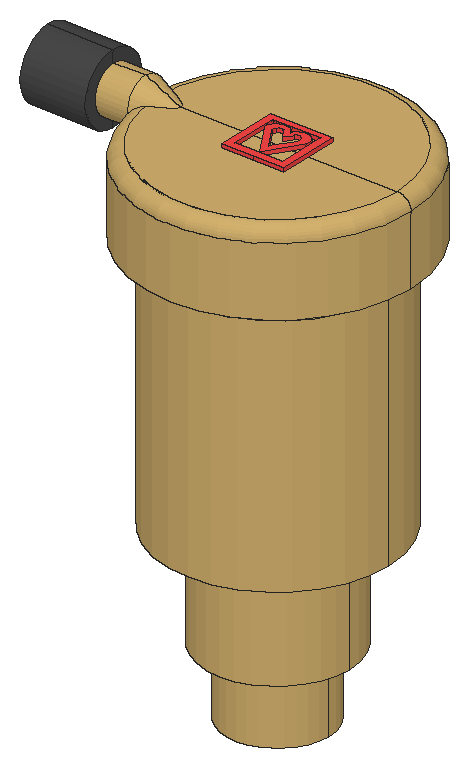
Revit family "Воздухоудалитель с функцией впуска и выпуска воздуха 2630 00 (01)", category Rohrzubehör, Revit 2018
Family settings
  Bemaßung runder Anschluss = Durchmesser verwenden
  Teiletyp = Normal
  OmniClass-Nummer = 23.65.55.14
  OmniClass-Titel = Valves for Liquid Services
  Arbeitsebenenbasiert = Nein
  Immer vertikal = Ja
  Beim Laden mit Abzugskörper schneiden = Nein
  Gemeinsam genutzt = Nein
Parameters
  Номер заказа [instance] = if(Nennweite AG = 10.000 mm, 1263000, if(Nennweite AG = 15.000 mm, 1263001, 0))  # 1263001
  URL = "www.herz-armaturen.ru"
  Поплавок = "полипропилен\r\n"  # constant formula
  SW = 10.500 mm  # constant formula
  SCRNSEQ = "AWI;AWI_TYP=\"1013\";1"
  SCRNCODE = "05;14;01"  # constant formula
  S05 = 25.300 mm  # constant formula
  S04 = SW * 2  # 21.000 mm
  S03 = 11.000 mm  # constant formula
  S02 = 24.500 mm  # constant formula
  S01 = 59.000 mm  # constant formula
  Обратный клапан = "латунь CW617N, EN 12165"  # constant formula
  R01 = 2.000 mm  # constant formula
  Nennweite AG [instance] = 15.000 mm
  Мин. рабочая температура = 0 °C  # constant formula
  Среда = "Качество  теплоносителя в соответствии с ÖNORM H5195 и/или предписаниями VDI-Standard 2035.\nРазрешается использование смеси этилен или пропиленгликоля в соотношении 25-50% с водой. Прокладки EPDM могут быть подвержены воздействию минеральных смазочных масел, что может служить причиной выхода из строя данных уплотнений. Пожалуйста, обратитесь к документации производителя, при использовании этиленгликоля и пропиленгликоля в целях защиты от замерзания."
  Макс. давление на корпусе = 1200000.0 Pa  # constant formula
  Макс. рабочая температура = 110 °C  # constant formula
  Макс. рабочее давление = 800000.0 Pa  # constant formula
  L04 = L00 - L01  # 24.000 mm
  L03 = 13.500 mm  # constant formula
  L02 = 4.800 mm  # constant formula
  L01 = 9.500 mm  # constant formula
  L00 = 33.500 mm  # constant formula
  Hersteller = "Herz-Armaturen GmbH"  # constant formula
  H08 = 13.200 mm  # constant formula
  H06 = 25.300 mm  # constant formula
  H07 = 9.800 mm  # constant formula
  H05 = H00 - 1.000 mm  # 58.000 mm
  H04 = H03 - D03  # 57.900 mm
  H03 = 63.000 mm  # constant formula
  H02 = 9.500 mm  # constant formula
  H01 = 12.000 mm  # constant formula
  H00 = 59.000 mm  # constant formula
  Корпус = "штампованная латунь в соответствии с EN 12165, CW617N"  # constant formula
  G1 [instance] = Nennweite AG / 2  # 7.500 mm
  G = 5.000 mm  # constant formula
  Уплотнение = "NBR"  # constant formula
  Крышка корпуса = "штампованная латунь в соответствии с EN 12165, CW617N"  # constant formula
  D07 = 11.500 mm  # constant formula
  D06 = 4.000 mm  # constant formula
  D05 = 0.800 mm  # constant formula
  D04 = 3.400 mm  # constant formula
  D03 = 5.100 mm  # constant formula
  D02 = 19.500 mm  # constant formula
  D01 = 16.200 mm  # constant formula
  Наружная резьба подключения = "в соответствии с ISO 228"  # constant formula
  Область применения = "Воздухоотводчик используется для удаления воздуха в системах отопления и холодоснабжения. Клапаны должны быть размещены рядом с котлом или же в самых высоких точках системы, чтобы обеспечить удаление воздуха из системы."
  Колпачок = "полипропилен, цвет черный"  # constant formula
Reference planes
  plane 1 "Mitte (Vorne/hinten)": y = 0
  plane 2: z = 0
  plane 3 "Mitte (Links/rechts)": x = 0
Forms (mm)
  Revolve 1, solid, material "Messing", detail levels fine
    sketch origin (0, 0, 0) x (1, 0, 0) y (0, 0, 1)
      loop
        line (0, 0) -> (0, 59) -> (-17.5, 59)
        arc (-17.5, 59) -> (-18.914, 58.414) -> (-19.5, 57) r 2
        line (-19.5, 57) -> (-19.5, 47) -> (-18.2, 47)
        arc (-18.2, 47) -> (-16.786, 46.414) -> (-16.2, 45) r 2
        line (-16.2, 45) -> (-16.2, 9.5) -> (-5, 9.5) -> (-5, 0) -> (0, 0)
      axis (0, 59) -> (0, 0)
    angle from 0 to 360
  Revolve 2, solid, material "Kunststoff - schwarz", detail levels fine
    sketch origin (0, 0, 0) x (1, 0, 0) y (0, 0, 1)
      loop
        line (-33.5, 57.9) -> (-24, 57.9) -> (-24, 63) -> (-33.5, 63) -> (-33.5, 57.9)
      axis (-33.5, 57.9) -> (-24, 57.9)
    angle from 0 to 360
  Revolve 3, solid, material "Messing", detail levels fine
    sketch origin (0, 0, 0) x (1, 0, 0) y (0, 0, 1)
      loop
        line (-24, 57.9) -> (0, 57.9) -> (0, 58.7) -> (-13.5, 58.7) -> (-19.2, 61.3) -> (-24, 61.3) -> (-24, 57.9)
      axis (-24, 57.9) -> (0, 57.9)
    angle from 0 to 360
  Revolve 4, solid, material "Messing", detail levels fine
    sketch origin (0, 0, 0) x (1, 0, 0) y (0, 0, 1)
      loop
        line (-5, 9.5) -> (-11.5, 9.5) -> (-11.5, 7.2) -> (-10.5, 7.2) -> (-10.5, -6) -> (-7.5, -6) -> (-7.5, -15.8) -> (0, -15.8) -> (0, 0) -> (-5, 0) -> (-5, 9.5)
      axis (0, 9.5) -> (0, -15.8)
    angle from 0 to 360
Lines and regions (mm)
  model lines, detail levels coarse+medium
    curve 1: line (0, 0, 59) -> (11.455, 0, 47.545)
    curve 2: circle (0, 0, 34.5) r 11 normal (0, -1, 0)
    curve 3: line (-11.455, 0, 21.455) -> (0, 0, 10)
    curve 4: line (0, 0, 10) -> (11.455, 0, 21.455)
    curve 5: line (0, 0, 59) -> (0, 0, 45.5)
    curve 6: line (0, 0, 23.5) -> (0, 0, 9.5)
    curve 7: line (0, 0, 59) -> (-11.455, 0, 47.545)
    curve 8: line (-11.5, 0, 9.5) -> (9.5, 0, 9.5)
    curve 9: line (9.5, 0, 9.5) -> (-10.5, 0, -15.8)
    curve 10: line (-10.5, 0, -15.8) -> (10.5, 0, -15.8)
    curve 11: circle (-10.5, 0, -15.8) r 5 normal (0, -1, 0)
    curve 12: line (0, 0, 59) -> (0, -11.455, 47.545)
    curve 13: line (0, 0, 59) -> (0, 11.455, 47.545)
    curve 14: circle (0, 0, 34.5) r 11 normal (1, 0, 0)
    curve 15: line (0, 0, 10) -> (0, -11.455, 21.455)
    curve 16: line (0, 0, 10) -> (0, 11.455, 21.455)
    curve 18: line (0, -11.5, 9.5) -> (0, 9.5, 9.5)
    curve 19: line (0, 9.5, 9.5) -> (0, -10.5, -15.8)
    curve 20: line (0, -10.5, -15.8) -> (0, 10.5, -15.8)
    curve 21: circle (0, -10.5, -15.8) r 5 normal (1, 0, 0)
    curve 22: line (-9.5, 0, 0) -> (11.5, 0, 0)
    curve 23: line (-9.5, 0, 0) -> (9.5, 25.3, 0)
    curve 24: line (9.5, 25.3, 0) -> (-11.5, 25.3, 0)
    curve 25: circle (-9.5, 0, 0) r 5 normal (0, 0, 1)
    curve 26: line (0, 84.3, 0) -> (-11.455, 72.845, 0)
    curve 27: line (0, 84.3, 0) -> (11.455, 72.845, 0)
    curve 28: circle (0, 59.8, 0) r 11 normal (0, 0, 1)
    curve 29: line (0, 35.3, 0) -> (-11.455, 46.755, 0)
    curve 30: line (0, 35.3, 0) -> (11.455, 46.755, 0)
    curve 31: line (0, 84.3, 0) -> (0, 70.8, 0)
    curve 32: line (0, 48.8, 0) -> (0, 25.3, 0)
  model lines
    curve 17: line (0, 10.954, 33.496) -> (0, 10.954, 0)
Dimensions and locks
  "G": Revolve 1 sketch curve to Revolve 1 sketch curve
  "H00": Revolve 1 sketch curve to Revolve 1 sketch curve
  "D01": Revolve 1 sketch curve to Revolve 1 sketch curve
  "D02": Revolve 1 sketch curve to Revolve 1 sketch curve
  "H02": Revolve 1 sketch curve to Revolve 1 sketch curve
  "H01": Revolve 1 sketch curve to Revolve 1 sketch curve
  "D03": Revolve 2 sketch curve to Revolve 2 sketch curve
  "L01": Revolve 2 sketch curve to Revolve 2 sketch curve
  "L00": Revolve 2 sketch curve to plane 3 "Mitte (Links/rechts)"
  "D04": Revolve 3 sketch curve to Revolve 3 sketch curve
  "L02": Revolve 3 sketch curve to Revolve 3 sketch curve
  "L03": Revolve 3 sketch curve to plane 3 "Mitte (Links/rechts)"
  "L04": Revolve 3 sketch curve to plane 3 "Mitte (Links/rechts)"
  "D05": Revolve 3 sketch curve to Revolve 3 sketch curve
  "H03": Revolve 2 sketch curve to plane 2
  "H04": Revolve 3 sketch curve to plane 2
  "H05": nested 1 to plane 2
  "H06": Revolve 4 sketch curve to Revolve 4 sketch curve
  "G1": Revolve 4 sketch curve to Revolve 4 sketch curve
  "H02": Revolve 4 sketch curve to Revolve 4 sketch curve
  "G": Revolve 4 sketch curve to Revolve 4 sketch curve
  "D07": Revolve 4 sketch curve to Revolve 4 sketch curve
  "SW": Revolve 4 sketch curve to Revolve 4 sketch curve
  "H08": Revolve 4 sketch curve to Revolve 4 sketch curve
  "S01": curve 5 to plane 2
  "S02": curve 5 to curve 2 to curve 4
  "D01": curve 7 to curve 7
  "D01": curve 1 to curve 1
  "D01": curve 3 to curve 3
  "D01": curve 4 to curve 4
  "S04": curve 8 to curve 9
  "S05": curve 8 to curve 10
  "S04": curve 10 to curve 9
  "S01": curve 13 to plane 2
  "S02": curve 13 to curve 14 to curve 16
  "D01": curve 12 to curve 12
  "D01": curve 13 to curve 13
  "D01": curve 15 to curve 15
  "D01": curve 16 to curve 16
  "S04": curve 18 to curve 19
  "S04": curve 20 to curve 20
  "S05": curve 20 to curve 18
  "S04": curve 24 to curve 24
  "S04": curve 22 to curve 23
  "S05": curve 24 to curve 22
  "S01": curve 31 to curve 32
  "S02": curve 31 to curve 28 to curve 30
  "D01": curve 26 to curve 26
  "D01": curve 27 to curve 27
  "D01": curve 29 to curve 29
  "D01": curve 30 to curve 30
  "H07": Revolve 4 sketch curve to Revolve 4 sketch curve
  equal spacing: curve 10, plane 3 "Mitte (Links/rechts)", curve 10
  equal spacing: curve 20, plane 1 "Mitte (Vorne/hinten)", curve 20
  "R01": radius of Revolve 1 sketch curve  (x2)
  "S03": radius of curve 2
  "S03": radius of curve 14
  "S03": radius of curve 28
  angle curve 5 to curve 1 = 45.00°
  angle curve 7 to curve 5 = 45.00°
  angle curve 6 to curve 3 = 45.00°
  angle curve 4 to curve 6 = 45.00°
  angle curve 12 to plane 1 "Mitte (Vorne/hinten)" = 45.00°
  angle plane 1 "Mitte (Vorne/hinten)" to curve 13 = 45.00°
  angle plane 1 "Mitte (Vorne/hinten)" to curve 15 = 45.00°
  angle curve 16 to plane 1 "Mitte (Vorne/hinten)" = 45.00°
  angle curve 26 to curve 31 = 45.00°
  angle curve 31 to curve 27 = 45.00°
  angle curve 32 to curve 29 = 45.00°
  angle curve 30 to curve 32 = 45.00°
  aligned and locked: level to plane 2
Automatic sketch dimensions
  curve 16 to plane 1 "Mitte (Vorne/hinten)" = 0.000 mm
  curve 13 to plane 1 "Mitte (Vorne/hinten)" = 0.000 mm
  curve 14 to plane 1 "Mitte (Vorne/hinten)" = 0.000 mm
  curve 17 to level = 0.000 mm
  curve 21 to curve 19 = 0.000 mm
  curve 18 to plane 1 "Mitte (Vorne/hinten)" = 9.500 mm
  curve 21 to level = 15.800 mm
  curve 19 to curve 21 = 0.000 mm
  curve 17 to plane 1 "Mitte (Vorne/hinten)" = 10.954 mm
  curve 3 to plane 3 "Mitte (Links/rechts)" = 0.000 mm
  curve 5 to plane 3 "Mitte (Links/rechts)" = 0.000 mm
  curve 6 to plane 3 "Mitte (Links/rechts)" = 0.000 mm
  curve 2 to plane 3 "Mitte (Links/rechts)" = 0.000 mm
  curve 11 to curve 9 = 0.000 mm  (x2)
  plane 3 "Mitte (Links/rechts)" to curve 9 = 9.500 mm
  level to curve 8 = 9.500 mm
  plane 1 "Mitte (Vorne/hinten)" to curve 25 = 0.000 mm
  plane 1 "Mitte (Vorne/hinten)" to curve 22 = 0.000 mm
  curve 31 to plane 3 "Mitte (Links/rechts)" = 0.000 mm
  curve 32 to plane 3 "Mitte (Links/rechts)" = 0.000 mm
  curve 28 to plane 3 "Mitte (Links/rechts)" = 0.000 mm
  curve 29 to plane 3 "Mitte (Links/rechts)" = 0.000 mm
  curve 25 to plane 3 "Mitte (Links/rechts)" = 9.500 mm
  curve 22 to curve 25 = 0.000 mm
  plane 3 "Mitte (Links/rechts)" to curve 24 = 9.500 mm
  Revolve 1 sketch curve to level = 0.000 mm
  Revolve 1 sketch curve to plane 3 "Mitte (Links/rechts)" = 0.000 mm  (x2)
  Revolve 1 sketch curve to level = 2000.000 mm
  Revolve 1 sketch curve to Revolve 1 sketch curve = 1937.000 mm
  Revolve 2 sketch curve to Revolve 2 sketch curve = 0.000 mm  (x3)
  Revolve 3 sketch curve to plane 3 "Mitte (Links/rechts)" = 0.000 mm
  Revolve 3 sketch curve to Revolve 3 sketch curve = 0.212 mm
  Revolve 3 sketch curve to plane 3 "Mitte (Links/rechts)" = 0.539 mm
  Revolve 3 sketch curve to Revolve 3 sketch curve = 0.000 mm
  Revolve 4 sketch curve to level = 0.000 mm
  Revolve 4 sketch curve to plane 3 "Mitte (Links/rechts)" = 0.000 mm  (x2)
  Revolve 4 sketch curve to Revolve 4 sketch curve = 346.545 mm
  Revolve 4 sketch curve to Revolve 4 sketch curve = 2204.815 mm
  radius of curve 21 = 5.000 mm
  radius of curve 11 = 5.000 mm
  radius of curve 25 = 5.000 mm
Nested families
  nested 1: "Herz-Logo" at (0, 0, 58), type "Herz-Logo", detail levels fine
Connectors
  piping at (0, 0, -15.8), diameter 15, driven by "Nennweite AG"
    settings: on Revolve 4, index 1, connector inside diameter 609.6 mm, connector length 0.000 mm, flow factor 0, pipe flow 0.0 L/s, pressure drop 0.0 Pa, fitting loss kfactor 0, connector angle 0.00°, fixture units 0, engagement length 0.000 mm, angle of deflection 0.00°, flow configuration 0, flow direction 0, fitting loss method 0, system type 7, joint type 0, gender type 0, connector reference index -1, connector utility 0, adjustable connector no, is connector primary yes, connector description ""
Definition of nested family "Herz-Logo"
  Reference planes
    plane 1 "Mitte (Vorne/hinten)": y = 0
    plane 2: z = 0
    plane 3 "Mitte (Links/rechts)": x = 0
  Forms (mm)
    Extrusion 1, solid
      sketch origin (0, 0, 0) x (1, 0, 0) y (0, 1, 0)
        loop
          line (-0.018, -4.517) -> (4.482, -4.517) -> (4.482, 4.483) -> (-4.518, 4.483) -> (-4.518, -4.517) -> (-0.018, -4.517)
        loop
          line (-0.05, -3.48) -> (3.482, -3.48) -> (3.482, 3.483) -> (-3.518, 3.483) -> (-3.518, -3.48) -> (-0.05, -3.48)
        loop
          arc (-0.018, 2.383) -> (-1.543, 3.287) -> (-3.067, 2.383) r 1.738
          arc (-3.067, 2.383) -> (-3.191, 1.899) -> (-3.067, 1.415) r 1.009
          line (-3.067, 1.415) -> (-0.018, -3.281) -> (3.032, 1.415)
          arc (3.032, 1.415) -> (3.156, 1.899) -> (3.032, 2.383) r 1.009
          arc (3.032, 2.383) -> (1.507, 3.287) -> (-0.018, 2.383) r 1.738
        loop
          arc (1.885, 1.272) -> (2.005, 1.675) -> (1.885, 2.079) r 0.74
          arc (1.885, 2.079) -> (1.265, 2.416) -> (0.644, 2.079) r 0.74
          line (0.644, 2.079) -> (-0.018, 0.97) -> (-0.679, 2.079)
          arc (-0.679, 2.079) -> (-1.3, 2.416) -> (-1.921, 2.079) r 0.74
          arc (-1.921, 2.079) -> (-2.04, 1.675) -> (-1.921, 1.272) r 0.74
          line (-1.921, 1.272) -> (-0.018, -1.658) -> (1.885, 1.272)
      from 0 to 1.5
  Dimensions and locks
    aligned and locked: level to plane 2
